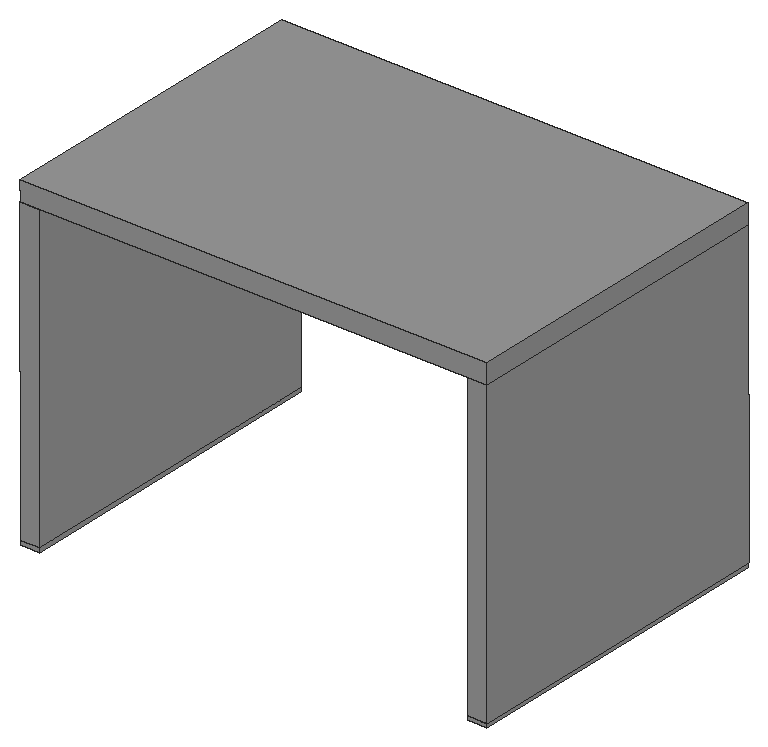
Revit family "Cocoon Community Table 42x60x42", category Generic Models, Revit 2018
Family settings
  Can host rebar = No
  Round Connector Dimension = Use Diameter
  Part Type = Normal
  Work Plane-Based = No
  Always vertical = Yes
  Cut with Voids When Loaded = No
  Shared = No
  Room Calculation Point = No
Parameters
  Frame = Cocoon Community Table 42x60x42 Frame
  Surface = Cocoon Community Table 42x60x42 Surface
Reference planes (in)
  plane 1 "Center (Front/Back)": y = 0
  plane 2: z = 0
  plane 3 "Center (Left/Right)": x = 0
Forms (in)
  Extrusion 1, solid, material "Cocoon Community Table 42x60x42 Frame" <- "Frame"
    sketch origin (0, 0, 0) x (1, 0, 0) y (0, 0, 1)
      loop
        line (-30, 0.5) -> (-30, 0) -> (-27.5, 0) -> (-27.5, 0.5) -> (-30, 0.5)
      loop
        line (30, 0.5) -> (27.5, 0.5) -> (27.5, 0) -> (30, 0) -> (30, 0.5)
    from -21 to 21
  Extrusion 2, solid, material "Cocoon Community Table 42x60x42 Surface" <- "Surface"
    sketch origin (0, 0, 13) x (1, 0, 0) y (0, 0, 1)
      loop
        line (-30, 29) -> (-30, 26.5) -> (30, 26.5) -> (30, 29) -> (-30, 29)
    from -21 to 21
  Extrusion 3, solid, material "Cocoon Community Table 42x60x42 Frame" <- "Frame"
    sketch origin (0, 0, 0) x (1, 0, 0) y (0, 0, 1)
      loop
        line (-30, 39.5) -> (-30, 0.5) -> (-27.5, 0.5) -> (-27.5, 39.5) -> (-30, 39.5)
      loop
        line (27.5, 39.5) -> (27.5, 0.5) -> (30, 0.5) -> (30, 39.5) -> (27.5, 39.5)
    from -21 to 21
Dimensions and locks (in)
  aligned and locked: level to plane 2
